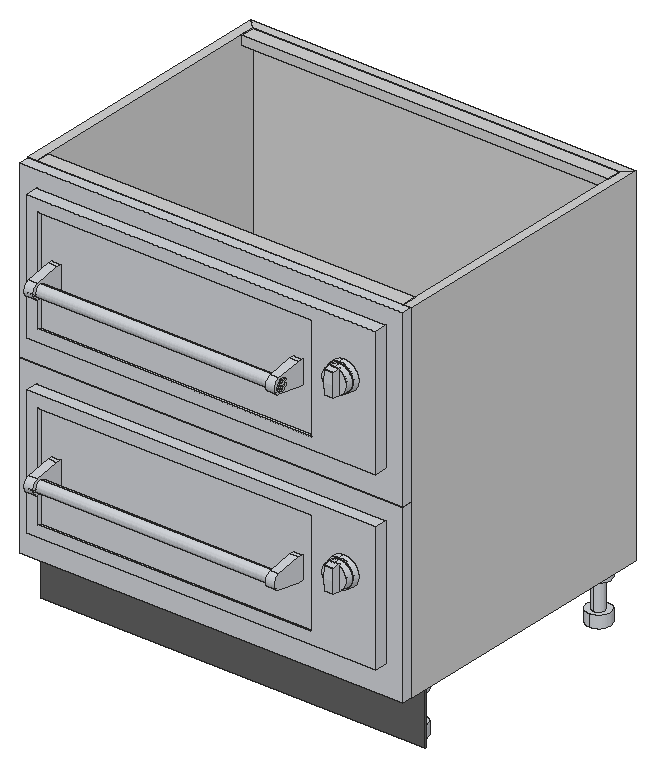
Revit family "Appliance_Cabinet-Danver-Double_Warming_Drawer", category Casework, Revit 2026
Family settings
  Classification Number = 23.40.35.17.47
  Work Plane-Based = No
  Always vertical = Yes
  Cut with Voids When Loaded = No
  Shared = No
  Room Calculation Point = No
Parameters (values of type "33" Width - 24" Depth")
  Warranty URL = ""
  Warming Drawer Width [instance] = 2' - 6"  # constant formula
  Warming Drawer Height [instance] = 0' - 11"  # constant formula
  Version = "2019 - V1.0b"  # constant formula
  URL = "www.danver.com"
  Toe Kick Material = Metal - Danver - Toe Kick
  Support Phone = "(224) 699-9545"  # constant formula
  Support Email = "mailto: support@bimsmith.com"
  Show Toe Kick [instance] = 1 = 1  # yes
  Product Page URL = "https://danver.com/cabinetry/grill-cabinets/warming-drawers/"
  Product Name = "Base Cabinet - Danver - Double Warming Drawer"  # constant formula
  Product Documentation Link = "https://danver.com/wp-content/uploads/2021/07/07_2021_Product_Specifications.pdf"
  Model = "OWD3300-24"
  Manufacturer Phone Number = "203-699-6838"  # constant formula
  Manufacturer Note = "Generic Warming Drawer shown, contact Danver for more information"  # constant formula
  Manufacturer Email = "https://danver.com/contact-us/"
  Manufacturer Address = "One Grand Street, Wallingford, CT 06492"  # constant formula
  Manufacturer = "Danver Outdoor Kitchens"  # constant formula
  Keynote = "12 35 28"
  Instruction Sheet Link = ""
  Foot Style [instance] = Foot : Standard
  Door Panel Material [instance] = Metal - Danver - Stainless Steel
  Door Width [instance] = Width - 0' 0 1/8"  # 2' - 8 7/8"
  Door Material [instance] = Metal - Danver - Stainless Steel
  Description = "30\"x24\"D Double Warming Drawer Base"
  Depth+Door = Depth + 0' 0 7/8"  # 2' - 0 7/8"
  Default Elevation = 0' - 0"
  Copyright = "©2021 Danver Outdoor Kitchens"  # constant formula
  Construction Type = "304 Grade Stainless Steel"  # constant formula
  Assembly Code = ""
  Cabinet Material = Metal - Danver - Stainless Steel
  Depth = 2' - 0"
  Handle Material = Metal - Danver - Chrome Plated Steel
  Height = 2' - 6"  # constant formula
  Toe Height = 0' - 4 1/2"  # constant formula
  Width = 2' - 9"
Types (4): name | Model | Door Width | Description | Depth+Door | Depth | Width
  30" Width - 27" Depth | "OWD3000" | 2' - 5 7/8" | "30\"x27\"D Double Warming Drawer Base" | 2' - 3 7/8" | 2' - 3" | 2' - 6"
  30" Width - 24" Depth | "OWD3000-24" | 2' - 5 7/8" | "33\"x27\"D Double Warming Drawer Base" | 2' - 0 7/8" | 2' - 0" | 2' - 6"
  33" Width - 27" Depth | "OWD3300" | 2' - 8 7/8" | "33\"x24\"D Double Warming Drawer Base" | 2' - 3 7/8" | 2' - 3" | 2' - 9"
  33" Width - 24" Depth | "OWD3300-24" | 2' - 8 7/8" | "30\"x24\"D Double Warming Drawer Base" | 2' - 0 7/8" | 2' - 0" | 2' - 9"
Reference planes (in)
  plane 1 "Back": y = 0
  plane 2 "Center": x = 0.7377
  plane 3 "Left": x = -15.7623
  plane 4 "Right": x = 17.2377
  plane 5 "Front": y = -24
  plane 6 "Top": z = 34.5
  plane 7: y = -22.5
  plane 8: z = 4.5
  plane 9: z = 33.75
  plane 10: z = 5.25
  plane 11: x = -15.0123
  plane 12: x = 16.4877
  plane 13 "Door Offset Left": x = -15.6998
  plane 14 "Door Offset Right": x = 17.1752
  plane 15: z = 34.4375
  plane 16: x = -14.0123
  plane 17: x = 15.4877
  plane 18: y = -21.5
  plane 19: y = -24.875
  plane 20: y = -0.75
  plane 21: y = -23.25
  plane 22: y = -1.75
  plane 23: y = -13.5
  plane 24: z = 6.5
  plane 25: x = -11.3823
  plane 26: x = -5.6323
  plane 27: y = -2
  plane 28: y = -4.88
  plane 29 "grill left": x = -14.2623
  plane 30 "grill right": x = 15.7377
  plane 31: z = 9.38
  plane 32: z = 32.5
  plane 33: z = 34.18754
  plane 34: z = 29.62
  plane 35: x = 12.8627
  plane 36 "top of counter": z = 35.75
  plane 37: z = 34.5
  plane 38: x = -6.74146
  plane 39: x = -6.67896
  plane 40: z = 19.5
  plane 41: z = 19.4375
  plane 42: z = 19.5625
Forms (in)
  Sweep 1, solid, material "Metal - Danver - Stainless Steel" <- "Cabinet Material"
    path origin (0, 0, 0) x (1, 0, 0) y (0, 1, 0)
      loop
        line (-15.7623, -24) -> (-15.7623, 0) -> (17.2377, 0) -> (17.2377, -24)
    profile origin (0, -12, 0) x (1, 0, 0) y (0, 0, 1)
      loop
        line (17.2377, 4.5) -> (17.2377, 34.5) -> (16.4877, 34.5) -> (16.4877, 4.5) -> (17.2377, 4.5)
  Extrusion 2, solid, material "Metal - Danver - Stainless Steel" <- "Cabinet Material"
    sketch origin (0, 0, 0) x (1, 0, 0) y (0, 1, 0)
      loop
        line (-15.0123, -0.75) -> (-15.0123, -24) -> (16.4877, -24) -> (16.4877, -0.75) -> (-15.0123, -0.75)
    from 5.25 to 4.5
  Extrusion 3, solid, material "Metal - Danver - Toe Kick" <- "Toe Kick Material", visible <- "Show Toe Kick"
    sketch origin (0, 0, 0) x (1, 0, 0) y (0, 1, 0)
      loop
        line (-15.7623, -22.5) -> (-15.7623, -22.625) -> (17.2377, -22.625) -> (17.2377, -22.5) -> (-15.7623, -22.5)
    from 0 to 4.5
  Extrusion 4, solid, material "Metal - Danver - Stainless Steel" <- "Cabinet Material"
    sketch origin (0, 0, 0) x (1, 0, 0) y (0, 1, 0)
      loop
        line (-15.0123, -2) -> (16.4877, -2) -> (16.4877, -0.75) -> (-15.0123, -0.75) -> (-15.0123, -2)
    from 33.75 to 34.5
  Extrusion 5, solid, material "Metal - Danver - Stainless Steel" <- "Cabinet Material"
    sketch origin (0, -25, 0) x (1, 0, 0) y (0, 1, 0)
      loop
        line (-15.0123, 1) -> (16.4877, 1) -> (16.4877, 2.25) -> (-15.0123, 2.25) -> (-15.0123, 1)
    from 33.75 to 34.5
Lines and regions (in)
  Masking region 1
    outline origin (-42.75, 9, 0) x (1, 0, 0) y (0, 1, 0)
      loop
        line (26.9877, -9) -> (26.9877, -33) -> (59.9877, -33) -> (59.9877, -9) -> (26.9877, -9)
      loop
        line (59.2377, -9.75) -> (27.7377, -9.75) -> (27.7377, -32.25) -> (59.2377, -32.25) -> (59.2377, -9.75)
  symbolic lines, style "Elevation Swing", detail levels medium+fine
    curve 1: line (-5.6323, -24, 6.5) -> (-11.3823, -24, 6.5)
    curve 2: line (-11.3823, -24, 9.38) -> (-5.6323, -24, 9.38)
    curve 3: line (-11.3823, -24, 6.5) -> (-11.3823, -24, 9.38)
    curve 4: line (-5.6323, -24, 9.38) -> (-5.6323, -24, 6.5)
    curve 5: line (-5.6323, -24, 29.62) -> (-11.3823, -24, 29.62)
    curve 6: line (-11.3823, -24, 32.5) -> (-5.6323, -24, 32.5)
    curve 7: line (-11.3823, -24, 29.62) -> (-11.3823, -24, 32.5)
    curve 8: line (-5.6323, -24, 32.5) -> (-5.6323, -24, 29.62)
    curve 9: line (12.8627, -24, 29.62) -> (7.1127, -24, 29.62)
    curve 10: line (7.1127, -24, 32.5) -> (12.8627, -24, 32.5)
    curve 11: line (7.1127, -24, 29.62) -> (7.1127, -24, 32.5)
    curve 12: line (12.8627, -24, 32.5) -> (12.8627, -24, 29.62)
    curve 13: line (12.8627, -24, 6.5) -> (7.1127, -24, 6.5)
    curve 14: line (7.1127, -24, 9.38) -> (12.8627, -24, 9.38)
    curve 15: line (7.1127, -24, 6.5) -> (7.1127, -24, 9.38)
    curve 16: line (12.8627, -24, 9.38) -> (12.8627, -24, 6.5)
    curve 17: line (-11.3823, -2, 0) -> (-5.6323, -2, 0)
    curve 18: line (-11.3823, -4.88, 0) -> (-11.3823, -2, 0)
    curve 19: line (-5.6323, -4.88, 0) -> (-11.3823, -4.88, 0)
    curve 20: line (-5.6323, -2, 0) -> (-5.6323, -4.88, 0)
    curve 21: line (7.1127, -2, 0) -> (12.8627, -2, 0)
    curve 22: line (7.1127, -4.88, 0) -> (7.1127, -2, 0)
    curve 23: line (12.8627, -4.88, 0) -> (7.1127, -4.88, 0)
    curve 24: line (12.8627, -2, 0) -> (12.8627, -4.88, 0)
Dimensions and locks (in)
  "Depth": plane 5 "Front" to plane 1 "Back"
  "Width": plane 3 "Left" to plane 4 "Right"
  equal spacing: plane 3 "Left", plane 2 "Center", plane 4 "Right"
  plane 5 "Front" to plane 7 = 0' - 1 1/2"
  locked: plane 3 "Left" to plane 11 at 0.75
  locked: plane 12 to plane 4 "Right" at 0.75
  locked: plane 6 "Top" to plane 9 at 0.75
  locked: plane 10 to plane 8 at 0.75
  locked: plane 6 "Top" to plane 15 at 0.0625
  locked: plane 4 "Right" to plane 14 "Door Offset Right" at 0.0625
  locked: plane 13 "Door Offset Left" to plane 3 "Left" at 0.0625
  locked: plane 3 "Left" to plane 16 at 1.75
  locked: plane 17 to plane 4 "Right" at 1.75
  locked: plane 5 "Front" to plane 18 at 2.5
  "Depth+Door": plane 19 to plane 1 "Back"
  locked: plane 5 "Front" to plane 21 at 0.75
  locked: plane 22 to plane 1 "Back" at 1.75
  locked: plane 24 to plane 8 at 2
  equal spacing: plane 29 "grill left", plane 2 "Center", plane 30 "grill right"
  locked: plane 25 to plane 3 "Left" at 4.38
  locked: plane 26 to plane 25 at 5.75
  locked: plane 31 to plane 24 at 2.88
  locked: plane 6 "Top" to plane 32 at 2
  locked: plane 32 to plane 34 at 2.88
  locked: plane 4 "Right" to plane 35 at 4.375
  plane 28 to plane 27 to plane 1 "Back" = 0' - 2.88" locked, 0' - 2" locked
  plane 37 to plane 36 "top of counter" = 0' - 1 1/4"
  "Toe Height": plane 8 to level
  "Height": plane 37 to plane 8
  plane 14 "Door Offset Right" to plane 38 to plane 13 "Door Offset Left" = 1' - 11.91667", 0' - 8.95833"
  plane 14 "Door Offset Right" to plane 13 "Door Offset Left" = 2' - 8 7/8"
  locked: plane 38 to plane 39 at 0.0625
  locked: plane 40 to plane 41 at 0.0625
  locked: plane 42 to plane 40 at 0.0625
  equal spacing: plane 37, plane 40, plane 8
  aligned and locked: plane 1 "Back" to Sweep 1 sketch curve
  aligned and locked: Sweep 1 sketch curve to plane 4 "Right"  (x2)
  aligned and locked: plane 3 "Left" to Sweep 1 sketch curve
  aligned and locked: plane 6 "Top" to Sweep 1 sketch curve
  aligned and locked: Sweep 1 sketch curve to plane 8
  aligned and locked: Sweep 1 to Extrusion 2 sketch curve  (x2)
  aligned and locked: Extrusion 2 sketch curve to Sweep 1
  aligned and locked: plane 10 to Extrusion 2
  aligned and locked: plane 8 to Extrusion 2
  aligned and locked: Extrusion 2 sketch curve to plane 5 "Front"
  aligned and locked: Extrusion 3 to plane 3 "Left"
  aligned and locked: Extrusion 3 to plane 7
  aligned and locked: Extrusion 3 to plane 8
  aligned and locked: Extrusion 3 to level
  aligned and locked: plane 4 "Right" to Extrusion 3
  aligned and locked: plane 11 to Extrusion 4 sketch curve
  aligned and locked: Extrusion 4 sketch curve to plane 12
  aligned and locked: plane 1 "Back" to Masking region 1 sketch curve
  aligned and locked: Masking region 1 sketch curve to plane 5 "Front"
  aligned and locked: Masking region 1 sketch curve to plane 12
  aligned and locked: plane 21 to Masking region 1 sketch curve
  aligned and locked: plane 22 to nested 1
  aligned and locked: nested 4 to plane 22
  aligned and locked: nested 4 to plane 16
  aligned and locked: nested 1 to plane 17
  aligned and locked: plane 17 to nested 3
  aligned and locked: plane 18 to nested 3
  aligned and locked: plane 16 to nested 2
  aligned and locked: nested 2 to plane 18
  aligned and locked: plane 3 "Left" to Masking region 1 sketch curve
  aligned and locked: Masking region 1 sketch curve to plane 4 "Right"
  aligned and locked: Extrusion 4 to plane 27
  aligned and locked: curve 2 to plane 31
  aligned and locked: curve 4 to plane 26
  aligned and locked: plane 24 to curve 1
  aligned and locked: plane 25 to curve 3
  aligned and locked: plane 25 to curve 7
  aligned and locked: curve 8 to plane 26
  aligned and locked: plane 32 to curve 6
  aligned and locked: curve 5 to plane 34
  aligned and locked: curve 12 to plane 35
  aligned and locked: plane 32 to curve 10
  aligned and locked: curve 9 to plane 34
  aligned and locked: curve 16 to plane 35
  aligned and locked: curve 14 to plane 31
  aligned and locked: plane 24 to curve 13
  aligned and locked: Extrusion 4 to plane 37
  aligned and locked: plane 9 to Extrusion 4
  aligned and locked: plane 5 "Front" to nested 5
  aligned and locked: nested 5 to plane 13 "Door Offset Left"
  aligned and locked: nested 5 to plane 14 "Door Offset Right"
  aligned and locked: plane 41 to nested 5
  aligned and locked: plane 42 to nested 6
  aligned and locked: nested 6 to plane 37
  aligned and locked: plane 14 "Door Offset Right" to nested 6
  aligned and locked: nested 6 to plane 13 "Door Offset Left"
  aligned and locked: plane 5 "Front" to nested 6
Automatic sketch dimensions
  curve 19 to plane 25 = 0' - 0"
  curve 19 to plane 26 = 0' - 0"
  curve 21 to plane 27 = 0' - 0"
  curve 21 to plane 35 = 0' - 0"
  curve 24 to plane 28 = 0' - 0"
  curve 18 to plane 28 = 0' - 0"
  curve 18 to plane 27 = 0' - 0"
  plane 5 "Front" to Sweep 1 sketch curve = 0' - 0"  (x2)
  profile plane to Sweep 1 sketch curve = 0' - 0 3/4"
  Masking region 1 sketch curve to plane 11 = 0' - 0"
  Masking region 1 sketch curve to plane 20 = 0' - 0"
  Extrusion 3 sketch curve to plane 3 "Left" = 0' - 0"
  Extrusion 3 sketch curve to plane 4 "Right" = 0' - 0"
  Extrusion 3 sketch curve to plane 7 = 0' - 0"
  plane 7 to Extrusion 3 sketch curve = 0' - 0 1/8"
  Extrusion 4 sketch curve to plane 27 = 0' - 0"
  Extrusion 4 sketch curve to plane 20 = 0' - 0"
  Extrusion 5 sketch curve to plane 11 = 0' - 0"
  Extrusion 5 sketch curve to plane 12 = 0' - 0"
  plane 5 "Front" to Extrusion 5 sketch curve = 0' - 0"
  plane 7 to Extrusion 5 sketch curve = 0' - 0 1/4"
  curve 21 to plane 35 = 0' - 5 3/4"
  curve 15 to curve 14 = 0' - 5 3/4"
  curve 9 to curve 9 = 0' - 5 3/4"
Nested families (in)
  nested 1: "Foot" at (15.4877, -1.75, 0) x (0, -1, 0) z (0, 0, 1), type <- "Foot Style", type "Standard"
  nested 2: "Foot" at (-14.0123, -21.5, 0) x (0, 1, 0) z (0, 0, 1), type <- "Foot Style", type "Standard"
  nested 3: "Foot" at (15.4877, -21.5, 0) x (0, 1, 0) z (0, 0, 1), type <- "Foot Style", type "Standard"
  nested 4: "Foot" at (-14.0123, -1.75, 0) x (0, -1, 0) z (0, 0, 1), type <- "Foot Style", type "Standard"
  nested 5: "Warming Drawer" at (0.7377, -24, -16.44932), Warming Drawer Height <- "Warming Drawer Height", Warming Drawer Width <- "Warming Drawer Width", Door Material <- "Cabinet Material", type "Warming Drawer"
    with Warming Drawer Width 2' - 6", Warming Drawer Height 0' - 11", Door Width 2' - 8 7/8", Door Material Metal - Danver - Stainless Steel, Door Height 1' - 2 15/16"
  nested 6: "Warming Drawer" at (0.7377, -24, -1.38682), Door Material <- "Door Material", Warming Drawer Width <- "Warming Drawer Width", Warming Drawer Height <- "Warming Drawer Height", type "Warming Drawer"
    with Warming Drawer Width 2' - 6", Warming Drawer Height 0' - 11", Door Width 2' - 8 7/8", Door Material Metal - Danver - Stainless Steel, Door Height 1' - 2 15/16"
Definition of nested family "Foot"
  Parameters (values of type "Standard with SS Leg Cover")
    Standard = yes
    SS Tapered = no
    SS Cover = yes
    Material = none
    Default Elevation = 0' - 0"
  Types (3): name | Standard | SS Tapered | SS Cover
    Standard with SS Leg Cover | yes | no | yes
    Standard | yes | no | no
    Stainless Steel Tapered Foot | no | yes | no
  Reference planes (in)
    plane 1 "Center (Front/Back)": y = 0
    plane 2: z = 0
    plane 3 "Center (Left/Right)": x = 0
  Forms (in)
    Extrusion 1, solid, material <- "Material", visible <- "Standard"
      sketch origin (0, 0, 0) x (1, 0, 0) y (0, 1, 0)
        loop
          circle (0, 0) r 1
      from 0 to 1
    Extrusion 2, solid, material <- "Material", visible <- "Standard"
      sketch origin (0, 0, 0) x (1, 0, 0) y (0, 1, 0)
        loop
          circle (0, 0) r 0.5
      from 1 to 3.5
    Extrusion 3, solid, material <- "Material", visible <- "Standard"
      sketch origin (0, 0, 0) x (1, 0, 0) y (0, 1, 0)
        loop
          circle (0, 0) r 1
      from 3.5 to 4.4375
    Extrusion 4, solid, material <- "Material", visible <- "Standard"
      sketch origin (0, 0, 0) x (1, 0, 0) y (0, 1, 0)
        loop
          circle (0, 0) r 1.5
      from 4.4375 to 4.5
    Blend 5, solid, material <- "Material", visible <- "SS Tapered"
      base sketch origin (0, 0, 0) x (1, 0, 0) y (0, 1, 0)
        loop
          line (-0.75, 0.75) -> (-0.75, -0.75) -> (0.75, -0.75) -> (0.75, 0.75) -> (-0.75, 0.75)
      top sketch origin (0, 0, 0) x (1, 0, 0) y (0, 1, 0)
        loop
          line (-1.5, 1.5) -> (-1.5, -1.5) -> (1.5, -1.5) -> (1.5, 1.5) -> (-1.5, 1.5)
      from 0.53906 to 4.5
    Extrusion 6, solid, material <- "Material", visible <- "SS Tapered"
      sketch origin (0, 0, 0) x (1, 0, 0) y (0, 1, 0)
        loop
          circle (0, 0) r 1
      from 0 to 0.53906
  Dimensions and locks (in)
    Extrusion 1 to Extrusion 1 = 0' - 1"
    Extrusion 2 to Extrusion 1 = 0' - 2 1/2"
    aligned and locked: plane 2 to level
  Nested families (in)
    nested 1: "SS Leg Cover" at (-1, 0, 0), visible <- "SS Cover", type "SS Leg Cover"
  Definition of nested family "SS Leg Cover"
    Parameters (values of type "SS Leg Cover")
      Foot Cover Material = none
      Default Elevation = 0' - 0"
    Reference planes (in)
      plane 1 "Center (Front/Back)": y = 0
      plane 2: z = 0
      plane 3 "Center (Left/Right)": x = 0
    Forms (in)
      Extrusion 1, solid, material <- "Foot Cover Material"
        sketch origin (0, 0, 0) x (1, 0, 0) y (0, 1, 0)
          loop
            arc (-0.38748, 1.5) -> (-0.41437, 1.48886) -> (-0.42551, 1.46197) r 0.03803
            line (-0.42551, 1.46197) -> (-0.42551, -1.46197)
            arc (-0.42551, -1.46197) -> (-0.41437, -1.48886) -> (-0.38748, -1.5) r 0.03803
            line (-0.38748, -1.5) -> (1.07449, -1.5) -> (1.07449, -1.4375) -> (-0.32329, -1.4375) -> (-0.32329, -0.83831) -> (0, -0.83831) -> (0, 0.8376) -> (-0.32329, 0.8376) -> (-0.32329, 1.4375) -> (2.51199, 1.4375) -> (2.51199, 0) -> (2.57449, 0) -> (2.57449, 1.5) -> (-0.38748, 1.5)
        from 0 to 4
    Dimensions and locks (in)
      aligned and locked: plane 2 to level
Definition of nested family "Warming Drawer"
  Parameters (values of type "Warming Drawer")
    Warming Drawer Width [instance] = 2' - 6"
    Warming Drawer Height [instance] = 0' - 9 1/2"
    Knob Material = none
    Handle Material = none
    Door Width [instance] = 4' - 0"
    Door Thickness = 0' - 0 7/8"
    Door Material [instance] = none
    Door Height [instance] = 2' - 0"
    Default Elevation = 0' - 0"
  Reference planes (in)
    plane 1 "Center (Front/Back)": y = 0
    plane 2: z = 0
    plane 3 "Center (Left/Right)": x = 0
    plane 4: x = 24
    plane 5: x = -24
    plane 6: y = -0.875
    plane 7: z = 20.94932
    plane 8: z = 44.94932
    plane 9: z = 37.98057
    plane 10: x = -15
    plane 11: x = 15
    plane 12: z = 33.23057
    plane 13: z = 42.73057
  Forms (in)
    Extrusion 1, solid, material <- "Door Material"
      sketch origin (0, 0, 0) x (1, 0, 0) y (0, 0, 1)
        loop
          line (-24, 44.94932) -> (-24, 20.94932) -> (24, 20.94932) -> (24, 44.94932) -> (-24, 44.94932)
        loop
          line (-15, 42.73057) -> (-15, 33.23057) -> (15, 33.23057) -> (15, 42.73057) -> (-15, 42.73057)
      from 0 to 0.875
  Dimensions and locks (in)
    "Door Thickness": plane 6 to plane 1 "Center (Front/Back)"
    "Door Height": plane 8 to plane 7
    equal spacing: plane 5, plane 3 "Center (Left/Right)", plane 4
    "Door Width": plane 5 to plane 4
    equal spacing: plane 11, plane 3 "Center (Left/Right)", plane 10
    equal spacing: plane 13, plane 9, plane 12
    "Warming Drawer Width": plane 11 to plane 10
    "Warming Drawer Height": plane 13 to plane 12
    locked: plane 8 to plane 9 at 6.96875
    aligned and locked: plane 2 to level
    aligned and locked: Extrusion 1 sketch curve to plane 5
    aligned and locked: Extrusion 1 sketch curve to plane 8
    aligned and locked: Extrusion 1 sketch curve to plane 4
    aligned and locked: Extrusion 1 to plane 6
    aligned and locked: Extrusion 1 to plane 13
    aligned and locked: plane 10 to Extrusion 1
    aligned and locked: plane 12 to Extrusion 1
    aligned and locked: Extrusion 1 to plane 11
    aligned and locked: nested 1 to plane 6
    aligned and locked: plane 3 "Center (Left/Right)" to nested 1
    aligned and locked: plane 9 to nested 1
    aligned and locked: Extrusion 1 to plane 7
  Automatic sketch dimensions
    Extrusion 1 sketch curve to plane 8 = 0' - 2 7/32"
    Extrusion 1 sketch curve to plane 5 = 0' - 9"
    Extrusion 1 sketch curve to plane 4 = 0' - 9"
    Extrusion 1 sketch curve to plane 12 = 0' - 0"
    Extrusion 1 sketch curve to plane 12 = 1' - 0 9/32"
  Nested families (in)
    nested 1: "Generic Warming Drawer" at (0, -0.875, 7.23057), Warming Drawer Height <- "Warming Drawer Height", Warming Drawer Width <- "Warming Drawer Width", type "Warming Drawer"
      with Warming Drawer Width 2' - 6", Warming Drawer Height 0' - 9 1/2"
  Definition of nested family "Generic Warming Drawer"
    Parameters (values of type "Warming Drawer")
      Knobs Material = none
      Handle Material = none
      Warming Drawer Height [instance] = 0' - 11 1/2"
      Description = "Warming Drawer"
      Default Elevation = 0' - 0"
      Body Material = none
      Warming Drawer Width [instance] = 2' - 6"
    Reference planes (in)
      plane 1 "Center (Front/Back)": y = 0
      plane 2: z = 0
      plane 3 "Center (Left/Right)": x = 0
      plane 4: x = 15
      plane 5: x = -15
      plane 6: z = 35.5
      plane 7: z = 3
      plane 8: z = 24
      plane 9: y = -1.125
      plane 10: y = 22.38226
      plane 11: x = -14
      plane 12: x = 9.73684
      plane 13: z = 34.5
      plane 14: z = 25
      plane 15: x = 9.5
      plane 16: x = 12.25
      plane 17: x = -13
      plane 18: x = 8.5
      plane 19: x = -12.25
      plane 20: x = 7.75
      plane 21: z = 29.75
      plane 22: z = 30.72499
      plane 23: z = 28.77501
      plane 24: y = -0.875
      plane 25: y = -3.125
    Forms (in)
      Revolve 1, solid, material <- "Body Material", not visible
        sketch origin (0, 0, 0) x (0, 1, 0) y (0, 0, 1)
          loop
            line (-27.75, 28.698) -> (-27.75, 29.99287) -> (-27.81788, 29.99287) -> (-28.43331, 29.8954) -> (-28.4597, 29.8229) -> (-28.4597, 28.698) -> (-27.75, 28.698)
          axis (-27.75, 28.698) -> (-28.4597, 28.698)
        angle from 0 to 360
      Revolve 2, solid, material <- "Knobs Material", not visible
        sketch origin (0, 0, 0) x (0, 1, 0) y (0, 0, 1)
          loop
            line (-28.4597, 28.698) -> (-28.4597, 29.7826) -> (-29.0004, 29.7559) -> (-29.0004, 28.698) -> (-28.4597, 28.698)
          axis (-28.4597, 28.698) -> (-29.0004, 28.698)
        angle from 0 to 360
      Extrusion 3, solid, material <- "Knobs Material", not visible
        sketch origin (0, 0, 0) x (0, 1, 0) y (0, 0, 1)
          loop
            line (-29.0004, 29.7559) -> (-29.54749, 29.67901) -> (-29.5937, 29.65233)
            arc (-29.5937, 29.65233) -> (-29.678, 28.698) -> (-29.5937, 27.74367) r 5.44414
            line (-29.5937, 27.74367) -> (-29.54749, 27.71699) -> (-29.0004, 27.6401) -> (-28.90281, 27.65731) -> (-28.90281, 29.73869) -> (-29.0004, 29.7559)
        from -0.375 to 0.375
      Revolve 4, solid, material <- "Body Material"
        sketch origin (12.25, 26.875, 2.2494) x (0, 1, 0) y (0, 0, 1)
          loop
            line (-27.75, 28.698) -> (-27.75, 29.99287) -> (-27.81788, 29.99287) -> (-28.43331, 29.8954) -> (-28.4597, 29.8229) -> (-28.4597, 28.698) -> (-27.75, 28.698)
          axis (-27.75, 28.698) -> (-28.4597, 28.698)
        angle from 0 to 360
      Revolve 5, solid, material <- "Knobs Material"
        sketch origin (12.25, 26.875, 2.2494) x (0, 1, 0) y (0, 0, 1)
          loop
            line (-28.4597, 28.698) -> (-28.4597, 29.7826) -> (-29.0004, 29.7559) -> (-29.0004, 28.698) -> (-28.4597, 28.698)
          axis (-28.4597, 28.698) -> (-29.0004, 28.698)
        angle from 0 to 360
      Extrusion 6, solid, material <- "Knobs Material"
        sketch origin (12.25, 26.875, 2.2494) x (0, 1, 0) y (0, 0, 1)
          loop
            line (-29.0004, 29.7559) -> (-29.54749, 29.67901) -> (-29.5937, 29.65233)
            arc (-29.5937, 29.65233) -> (-29.678, 28.698) -> (-29.5937, 27.74367) r 5.44414
            line (-29.5937, 27.74367) -> (-29.54749, 27.71699) -> (-29.0004, 27.6401) -> (-28.90281, 27.65731) -> (-28.90281, 29.73869) -> (-29.0004, 29.7559)
        from -0.375 to 0.375
      Extrusion 7, solid, material <- "Body Material"
        sketch origin (16.25, -1.125, 31.36778) x (0, 0, -1) y (-1, 0, 0)
          loop
            line (-4.13222, 1.25) -> (7.36778, 1.25) -> (7.36778, 31.25) -> (-4.13222, 31.25) -> (-4.13222, 1.25)
        from 0 to 1.125
      Extrusion 8, void
        sketch origin (16.25, -1.125, 31.36778) x (0, 0, -1) y (-1, 0, 0)
          loop
            line (-3.13222, 30.25) -> (-3.13222, 6.75) -> (6.36778, 6.75) -> (6.36778, 30.25) -> (-3.13222, 30.25)
        from 0 to 0.25
      Extrusion 9, solid, material <- "Body Material", not visible
        sketch origin (-21.25, -155.5, 29.15766) x (0, 0, -1) y (0, -1, 0)
          loop
            line (-1.45555, -154.375) -> (0.49446, -154.375) -> (0.49591, -153.99805) -> (0.14513, -151.89165)
            arc (0.14513, -151.89165) -> (-0.46885, -151.36932) -> (-1.08704, -151.88666) r 0.625
            line (-1.08704, -151.88666) -> (-1.45407, -153.99055) -> (-1.45555, -154.375)
        from -9 to -8.25
      Extrusion 10, solid, material <- "Body Material"
        sketch origin (-0.5, -155.25, 29.27092) x (0, 0, -1) y (0, -1, 0)
          loop
            line (-1.45555, -154.375) -> (0.49446, -154.375) -> (0.49591, -153.99805) -> (0.14513, -151.89165)
            arc (0.14513, -151.89165) -> (-0.46885, -151.36932) -> (-1.08704, -151.88666) r 0.625
            line (-1.08704, -151.88666) -> (-1.45407, -153.99055) -> (-1.45555, -154.375)
        from -9 to -8.25
      Extrusion 11, solid, material <- "Body Material"
        sketch origin (-21.25, -155.25, 29.27092) x (0, 0, -1) y (0, -1, 0)
          loop
            line (-1.45555, -154.375) -> (0.49446, -154.375) -> (0.49591, -153.99805) -> (0.14513, -151.89165)
            arc (0.14513, -151.89165) -> (-0.46885, -151.36932) -> (-1.08704, -151.88666) r 0.625
            line (-1.08704, -151.88666) -> (-1.45407, -153.99055) -> (-1.45555, -154.375)
        from -9 to -8.25
      Extrusion 12, solid
        sketch origin (-13, -155.25, 29.27092) x (0, 0, -1) y (0, -1, 0)
          loop
            circle (-0.47908, -152.125) r 0.5
        from -21.5 to 0
    Cuts and joins
      Extrusion 8 cuts Extrusion 7
    Dimensions and locks (in)
      "Warming Drawer Width": plane 5 to plane 4
      equal spacing: plane 5, plane 3 "Center (Left/Right)", plane 4  (x2)
      plane 1 "Center (Front/Back)" to plane 9 = 0' - 1 1/8"
      plane 1 "Center (Front/Back)" to plane 10 = 1' - 10.38226"
      plane 5 to plane 11 = 0' - 1"  (x2)
      plane 12 to plane 4 = 0' - 5.26316"
      plane 6 to plane 13 = 0' - 1"
      plane 14 to plane 8 = 0' - 1"
      locked: plane 4 to plane 15 at 5.5
      plane 6 to plane 8 = 0' - 11 1/2"
      "Warming Drawer Height": plane 6 to plane 8
      locked: plane 15 to plane 18 at 1
      locked: plane 5 to plane 17 at 2
      equal spacing: plane 6, plane 21, plane 8
      locked: plane 19 to plane 17 at 0.75
      locked: plane 18 to plane 20 at 0.75
      locked: plane 4 to plane 16 at 2.75
      plane 22 to plane 21 to plane 23 = 0' - 0.97499" locked, 0' - 0.97499" locked
      locked: plane 9 to plane 24 at 0.25
      locked: plane 25 to plane 9 at 2
      plane 5 to plane 19 = 0' - 2 3/4"
      plane 15 to plane 20 = 0' - 1 3/4"
      aligned and locked: plane 2 to level
      aligned and locked: Revolve 2 sketch curve to Revolve 2 sketch curve
      aligned and locked: Revolve 5 sketch curve to Revolve 5 sketch curve
      aligned and locked: plane 8 to Extrusion 7 sketch curve
      aligned and locked: Extrusion 7 sketch curve to plane 4
      aligned and locked: Extrusion 7 sketch curve to plane 6
      aligned and locked: Extrusion 7 sketch curve to plane 5
      aligned and locked: Extrusion 7 to plane 9
      aligned and locked: Extrusion 7 to plane 1 "Center (Front/Back)"
      aligned and locked: Extrusion 8 sketch curve to plane 13
      aligned and locked: plane 11 to Extrusion 8 sketch curve
      aligned and locked: plane 14 to Extrusion 8 sketch curve
      aligned and locked: Extrusion 8 sketch curve to plane 15
      aligned and locked: plane 16 to Revolve 4
      aligned and locked: plane 18 to Extrusion 10
      aligned and locked: plane 22 to Extrusion 10
      aligned and locked: plane 24 to cut or joined group of Extrusion 7, Extrusion 8
      aligned and locked: plane 9 to cut or joined group of Extrusion 7, Extrusion 8
      aligned and locked: plane 24 to Extrusion 10
      aligned and locked: plane 24 to Extrusion 11
      aligned and locked: Extrusion 11 to plane 17
      aligned and locked: plane 17 to Extrusion 11
      aligned and locked: plane 19 to Extrusion 11
      aligned and locked: Extrusion 10 to plane 20
      aligned and locked: plane 18 to Extrusion 12
      aligned and locked: Extrusion 11 to plane 23
      aligned and locked: Extrusion 10 to plane 23
      aligned and locked: plane 21 to Revolve 4
    Automatic sketch dimensions
      Revolve 1 sketch curve to Revolve 1 sketch curve = 0' - 0.02639"
      Revolve 1 sketch curve to Revolve 1 sketch curve = 0' - 0.61544"
      Revolve 1 sketch curve to Revolve 1 sketch curve = 0' - 0.7097"
      Revolve 1 sketch curve to Revolve 1 sketch curve = 0' - 1.1249"
      Revolve 1 sketch curve to Revolve 1 sketch curve = 0' - 0.0725"
      Revolve 1 sketch curve to Revolve 1 sketch curve = 0' - 0.09748"
      Revolve 1 sketch curve to Revolve 1 sketch curve = 0' - 0.0237"
      Revolve 1 sketch curve to Revolve 1 sketch curve = 0' - 0.0702"
      Revolve 1 sketch curve to Revolve 1 sketch curve = 0' - 0"
      Revolve 2 sketch curve to Revolve 2 sketch curve = 0' - 0.5407"
      Revolve 2 sketch curve to Revolve 2 sketch curve = 0' - 1.0579"
      Revolve 2 sketch curve to Revolve 2 sketch curve = 0' - 0.0267"
      Revolve 2 sketch curve to Revolve 2 sketch curve = 0' - 0.1642"
      Revolve 2 sketch curve to Revolve 2 sketch curve = 0' - 0"
      Extrusion 3 sketch curve to Extrusion 3 sketch curve = 0' - 0"
      Extrusion 3 sketch curve to Extrusion 3 sketch curve = 0' - 0.04621"  (x2)
      Extrusion 3 sketch curve to Extrusion 3 sketch curve = 0' - 0.54709"  (x2)
      Extrusion 3 sketch curve to Extrusion 3 sketch curve = 0' - 0.09759"
      Extrusion 3 sketch curve to Extrusion 3 sketch curve = 0' - 0.02668"  (x2)
      Extrusion 3 sketch curve to Extrusion 3 sketch curve = 0' - 0.05968"  (x2)
      Extrusion 3 sketch curve to Extrusion 3 sketch curve = 0' - 0.01721"  (x2)
      Extrusion 3 sketch curve to Extrusion 3 sketch curve = 0' - 4.66895"
      Extrusion 3 sketch curve to Extrusion 3 sketch curve = 0' - 1.04069"
      Revolve 4 sketch curve to Revolve 4 sketch curve = 0' - 0.02639"
      Revolve 4 sketch curve to Revolve 4 sketch curve = 0' - 0.61544"
      Revolve 4 sketch curve to Revolve 4 sketch curve = 0' - 0.7097"
      Revolve 4 sketch curve to Revolve 4 sketch curve = 0' - 1.1249"
      Revolve 4 sketch curve to Revolve 4 sketch curve = 0' - 0.0725"
      Revolve 4 sketch curve to Revolve 4 sketch curve = 0' - 0.09748"
      Revolve 4 sketch curve to Revolve 4 sketch curve = 0' - 0.0237"
      Revolve 4 sketch curve to Revolve 4 sketch curve = 0' - 0.0702"
      Revolve 4 sketch curve to Revolve 4 sketch curve = 0' - 0"
      Revolve 5 sketch curve to Revolve 5 sketch curve = 0' - 0.5407"
      Revolve 5 sketch curve to Revolve 5 sketch curve = 0' - 1.0579"
      Revolve 5 sketch curve to Revolve 5 sketch curve = 0' - 0.0267"
      Revolve 5 sketch curve to Revolve 5 sketch curve = 0' - 0.1642"
      Revolve 5 sketch curve to Revolve 5 sketch curve = 0' - 0"
      Extrusion 6 sketch curve to Extrusion 6 sketch curve = 0' - 0"
      Extrusion 6 sketch curve to Extrusion 6 sketch curve = 0' - 0.04621"  (x2)
      Extrusion 6 sketch curve to Extrusion 6 sketch curve = 0' - 0.54709"  (x2)
      Extrusion 6 sketch curve to Extrusion 6 sketch curve = 0' - 0.09759"
      Extrusion 6 sketch curve to Extrusion 6 sketch curve = 0' - 0.02668"  (x2)
      Extrusion 6 sketch curve to Extrusion 6 sketch curve = 0' - 0.05968"  (x2)
      Extrusion 6 sketch curve to Extrusion 6 sketch curve = 0' - 0.01721"  (x2)
      Extrusion 6 sketch curve to Extrusion 6 sketch curve = 0' - 4.66895"
      Extrusion 6 sketch curve to Extrusion 6 sketch curve = 0' - 1.04069"
      Extrusion 9 sketch curve to Extrusion 9 sketch curve = 0' - 0.00148"
      Extrusion 9 sketch curve to Extrusion 9 sketch curve = 0' - 0.61566"
      Extrusion 9 sketch curve to Extrusion 9 sketch curve = 0' - 0.00145"
      Extrusion 9 sketch curve to Extrusion 9 sketch curve = 0' - 2.00374"
      Extrusion 9 sketch curve to Extrusion 9 sketch curve = 0' - 0.10766"
      Extrusion 9 sketch curve to Extrusion 9 sketch curve = 0' - 0.61651"
      Extrusion 9 sketch curve to Extrusion 9 sketch curve = 0' - 0"  (x2)
      Extrusion 9 sketch curve to Extrusion 9 sketch curve = 0' - 0.37695"
      Extrusion 9 sketch curve to Extrusion 9 sketch curve = 0' - 0.38445"
      Extrusion 9 sketch curve to Extrusion 9 sketch curve = 0' - 0.36704"
      Extrusion 9 sketch curve to Extrusion 9 sketch curve = 0' - 1.95001"
      Extrusion 10 sketch curve to Extrusion 10 sketch curve = 0' - 0.00148"
      Extrusion 10 sketch curve to Extrusion 10 sketch curve = 0' - 0.61566"
      Extrusion 10 sketch curve to Extrusion 10 sketch curve = 0' - 0.00145"
      Extrusion 10 sketch curve to Extrusion 10 sketch curve = 0' - 2.00374"
      Extrusion 10 sketch curve to Extrusion 10 sketch curve = 0' - 0.10766"
      Extrusion 10 sketch curve to Extrusion 10 sketch curve = 0' - 0.61651"
      Extrusion 10 sketch curve to Extrusion 10 sketch curve = 0' - 0"  (x2)
      Extrusion 10 sketch curve to Extrusion 10 sketch curve = 0' - 0.37695"
      Extrusion 10 sketch curve to Extrusion 10 sketch curve = 0' - 0.38445"
      Extrusion 10 sketch curve to Extrusion 10 sketch curve = 0' - 0.36704"
      Extrusion 10 sketch curve to Extrusion 10 sketch curve = 0' - 1.95001"
      Extrusion 11 sketch curve to Extrusion 11 sketch curve = 0' - 0.00148"
      Extrusion 11 sketch curve to Extrusion 11 sketch curve = 0' - 0.61566"
      Extrusion 11 sketch curve to Extrusion 11 sketch curve = 0' - 0.00145"
      Extrusion 11 sketch curve to Extrusion 11 sketch curve = 0' - 2.00374"
      Extrusion 11 sketch curve to Extrusion 11 sketch curve = 0' - 0.10766"
      Extrusion 11 sketch curve to Extrusion 11 sketch curve = 0' - 0.61651"
      Extrusion 11 sketch curve to Extrusion 11 sketch curve = 0' - 0"  (x2)
      Extrusion 11 sketch curve to Extrusion 11 sketch curve = 0' - 0.37695"
      Extrusion 11 sketch curve to Extrusion 11 sketch curve = 0' - 0.38445"
      Extrusion 11 sketch curve to Extrusion 11 sketch curve = 0' - 0.36704"
      Extrusion 11 sketch curve to Extrusion 11 sketch curve = 0' - 1.95001"
      Extrusion 12 sketch curve to Extrusion 11 = 0' - 2 1/4"
      Extrusion 12 sketch curve to Extrusion 11 = 0' - 0.63987"
      radius of Extrusion 12 sketch curve = 0' - 0 1/2"
